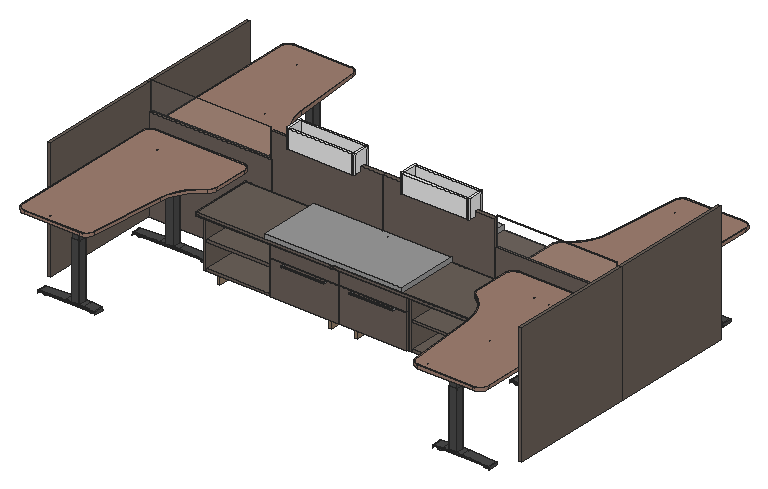
Revit family "OFS TYPICAL T200055", category Furniture, Revit 2022 (continued)
Definition of nested family "STAKS SPINE OR DIVIDER WALL 42in"
  Parameters (values of type "STAKS SPINE OR DIVIDER WALL 42in X 24in")
    URL = "http://www.ofs.com/"
    Height Above Floor [instance] = 3' - 6"
    Height = 3' - 6"
    Depth = 0' - 1"
    Model = "6-PAN-42/24"
    Manufacturer = "OFS"
    Description = "OFS STAKS SPINE OR DIVIDER WALL 42\" Height x 24\" Width, Levelers allow 2.5\" Height Adjustability for Uneven Floor"
    Width = 2' - 0"
    Default Elevation = 0' - 0"
    Copyright © = "© 2018 OFS"
    Catalog = "https://ofs.com/products/casegoods/private-office/staks"
    Authoring Version = "Autodesk Revit Architecture 2013"
    Assembly Code = "E2020200"
  Types (19): name | Model | Description | Width
    STAKS SPINE OR DIVIDER WALL 42in X 24in | "6-PAN-42/24" | "OFS STAKS SPINE OR DIVIDER WALL 42\" Height x 24\" Width, Levelers allow 2.5\" Height Adjustability for Uneven Floor" | 2' - 0"
    STAKS SPINE OR DIVIDER WALL 42in X 33in | "6-PAN-42/33" | "OFS STAKS SPINE OR DIVIDER WALL 42\" Height x 33\" Width, Levelers allow 2.5\" Height Adjustability for Uneven Floor" | 2' - 9"
    STAKS SPINE OR DIVIDER WALL 42in X 26in | "6-PAN-42/26" | "OFS STAKS SPINE OR DIVIDER WALL 42\" Height x 26\" Width, Levelers allow 2.5\" Height Adjustability for Uneven Floor" | 2' - 2"
    STAKS SPINE OR DIVIDER WALL 42in X 30in | "6-PAN-42/30" | "OFS STAKS SPINE OR DIVIDER WALL 42\" Height x 30\" Width, Levelers allow 2.5\" Height Adjustability for Uneven Floor" | 2' - 6"
    STAKS SPINE OR DIVIDER WALL 42in X 36in | "6-PAN-42/36" | "OFS STAKS SPINE OR DIVIDER WALL 42\" Height x 36\" Width, Levelers allow 2.5\" Height Adjustability for Uneven Floor" | 3' - 0"
    STAKS SPINE OR DIVIDER WALL 42in X 37in | "6-PAN-42/37" | "OFS STAKS SPINE OR DIVIDER WALL 42\" Height x 37\" Width, Levelers allow 2.5\" Height Adjustability for Uneven Floor" | 3' - 1"
    STAKS SPINE OR DIVIDER WALL 42in X 39in | "6-PAN-42/39" | "OFS STAKS SPINE OR DIVIDER WALL 42\" Height x 39\" Width, Levelers allow 2.5\" Height Adjustability for Uneven Floor" | 3' - 3"
    STAKS SPINE OR DIVIDER WALL 42in X 40in | "6-PAN-42/40" | "OFS STAKS SPINE OR DIVIDER WALL 42\" Height x 40\" Width, Levelers allow 2.5\" Height Adjustability for Uneven Floor" | 3' - 4"
    STAKS SPINE OR DIVIDER WALL 42in X 42in | "6-PAN-42/42" | "OFS STAKS SPINE OR DIVIDER WALL 42\" Height x 42\" Width, Levelers allow 2.5\" Height Adjustability for Uneven Floor" | 3' - 6"
    STAKS SPINE OR DIVIDER WALL 42in X 44in | "6-PAN-42/44" | "OFS STAKS SPINE OR DIVIDER WALL 42\" Height x 44\" Width, Levelers allow 2.5\" Height Adjustability for Uneven Floor" | 3' - 8"
    STAKS SPINE OR DIVIDER WALL 42in X 45in | "6-PAN-42/45" | "OFS STAKS SPINE OR DIVIDER WALL 42\" Height x 45\" Width, Levelers allow 2.5\" Height Adjustability for Uneven Floor" | 3' - 9"
    STAKS SPINE OR DIVIDER WALL 42in X 47in | "6-PAN-42/47" | "OFS STAKS SPINE OR DIVIDER WALL 42\" Height x 47\" Width, Levelers allow 2.5\" Height Adjustability for Uneven Floor" | 3' - 11"
    STAKS SPINE OR DIVIDER WALL 42in X 48in | "6-PAN-42/48" | "OFS STAKS SPINE OR DIVIDER WALL 42\" Height x 48\" Width, Levelers allow 2.5\" Height Adjustability for Uneven Floor" | 4' - 0"
    STAKS SPINE OR DIVIDER WALL 42in X 49in | "6-PAN-42/49" | "OFS STAKS SPINE OR DIVIDER WALL 42\" Height x 49\" Width, Levelers allow 2.5\" Height Adjustability for Uneven Floor" | 4' - 1"
    STAKS SPINE OR DIVIDER WALL 42in X 52in | "6-PAN-42/52" | "OFS STAKS SPINE OR DIVIDER WALL 42\" Height x 52\" Width, Levelers allow 2.5\" Height Adjustability for Uneven Floor" | 4' - 4"
    STAKS SPINE OR DIVIDER WALL 42in X 54in | "6-PAN-42/54" | "OFS STAKS SPINE OR DIVIDER WALL 42\" Height x 54\" Width, Levelers allow 2.5\" Height Adjustability for Uneven Floor" | 4' - 6"
    STAKS SPINE OR DIVIDER WALL 42in X 56in | "6-PAN-42/56" | "OFS STAKS SPINE OR DIVIDER WALL 42\" Height x 56\" Width, Levelers allow 2.5\" Height Adjustability for Uneven Floor" | 4' - 8"
    STAKS SPINE OR DIVIDER WALL 42in X 58in | "6-PAN-42/58" | "OFS STAKS SPINE OR DIVIDER WALL 42\" Height x 58\" Width, Levelers allow 2.5\" Height Adjustability for Uneven Floor" | 4' - 10"
    STAKS SPINE OR DIVIDER WALL 42in X 59in | "6-PAN-42/59" | "OFS STAKS SPINE OR DIVIDER WALL 42\" Height x 59\" Width, Levelers allow 2.5\" Height Adjustability for Uneven Floor" | 4' - 11"
  Reference planes (in)
    plane 1: z = -0.125
    plane 2 "LEFT": x = 7.55498
    plane 3 "RIGHT": x = 31.55498
    plane 4 "BACK": y = -1.83365
    plane 5 "FRONT": y = -2.83365
    plane 6: x = 7.67998
    plane 7: x = 31.42998
    plane 8: y = -1.95865
    plane 9: y = -2.70865
    plane 10: z = -0.125
    plane 11 "SURFACE TOP": z = 41.875
  Forms (in)
    Extrusion 1, solid
      sketch origin (0, 0, 17.125) x (-1, 0, 0) y (0, -1, 0)
        loop
          line (-7.55498, 1.83365) -> (-7.55498, 2.83365) -> (-31.55498, 2.83365) -> (-31.55498, 1.83365) -> (-7.55498, 1.83365)
      from 24.75 to -17.25
  Lines and regions (in)
    symbolic lines
      curve 1: line (7.55498, -1.83365, 41.875) -> (31.55498, -1.83365, 41.875)
      curve 2: line (7.55498, -2.83365, 41.875) -> (7.55498, -1.83365, 41.875)
      curve 3: line (31.55498, -2.83365, 41.875) -> (7.55498, -2.83365, 41.875)
      curve 4: line (31.55498, -1.83365, 41.875) -> (31.55498, -2.83365, 41.875)
  Dimensions and locks (in)
    "Depth": plane 4 "BACK" to plane 5 "FRONT"
    "Width": plane 2 "LEFT" to plane 3 "RIGHT"
    "Height": plane 11 "SURFACE TOP" to plane 10
    locked: plane 4 "BACK" to plane 8 at 0.125
    locked: plane 2 "LEFT" to plane 6 at 0.125
    locked: plane 7 to plane 3 "RIGHT" at 0.125
    locked: plane 9 to plane 5 "FRONT" at 0.125
    "Height Above Floor": plane 11 "SURFACE TOP" to level
    aligned: level to plane 1
    aligned and locked: plane 11 "SURFACE TOP" to Extrusion 1
    aligned and locked: Extrusion 1 to plane 10
    aligned and locked: plane 4 "BACK" to Extrusion 1 sketch curve
    aligned and locked: Extrusion 1 sketch curve to plane 2 "LEFT"
    aligned and locked: Extrusion 1 sketch curve to plane 5 "FRONT"
    aligned and locked: plane 3 "RIGHT" to Extrusion 1 sketch curve
    aligned and locked: curve 1 to Extrusion 1
    aligned and locked: curve 2 to Extrusion 1
    aligned and locked: curve 3 to Extrusion 1
    aligned and locked: curve 4 to Extrusion 1
Definition of nested family "OFS STAKS Planters - 6-PB12 6-PB18 6-PB24"
  Parameters (values of type "Planter 18")
    Width = 1' - 6"
    URL = "OFS STAKS Planter 18\""
    Model = "6-PB18"
    Manufacturer = "OFS"
    Finsih [instance] = none
    Description = "OFS STAKS Planter 18\""
    Default Elevation = 0' - 0"
    Copyright © = "©OFS 2025"
    Catalog = "https://catalog.ofs.com/ofs/page/staks-private-office--workstation-panels-and-panel-accessories-panel-accessories-panel-accessories"
    Authoring Version = "Autodesk Revit 2022"
    Assembly Code = "E2020200"
  Types (4): name | Width | URL | Model | Description
    (no name) | 1' - 6" | "OFS STAKS Planter 18\"" | "6-PB18" | "OFS STAKS Planter 18\""
    Planter 12 | 1' - 0" | "http://ofs.com/" | "6-PB12" | "OFS STAKS Planter 12\""
    Planter 18 | 1' - 6" | "OFS STAKS Planter 18\"" | "6-PB18" | "OFS STAKS Planter 18\""
    Planter 24 | 2' - 0" | "http://ofs.com/" | "6-PB24" | "OFS STAKS Planter 24\""
  Reference planes (in)
    plane 1 "Center Front/Back": y = 0
    plane 2: z = 0
    plane 3 "Center Left/Right": x = 0
    plane 4: x = 9
    plane 5: z = 46.625
    plane 6: z = 40.125
    plane 7: x = -9
    plane 8: y = -2.39062
    plane 9: y = -3.14062
    plane 10: y = 2.39062
    plane 11: y = 3.14062
    plane 12: x = 8.25
    plane 13: x = -8.25
  Forms (in)
    Extrusion 1, solid, material <- "Finsih"
      sketch origin (0, 0, 0) x (1, 0, 0) y (0, 1, 0)
        loop
          line (-8.25, 3.14062) -> (-8.25, 2.39062) -> (8.25, 2.39062) -> (8.25, 3.14062) -> (-8.25, 3.14062)
        loop
          line (-8.25, -3.14062) -> (8.25, -3.14062) -> (8.25, -2.39062) -> (-8.25, -2.39062) -> (-8.25, -3.14062)
      from 40.125 to 46.625
    Extrusion 2, solid, material <- "Finsih"
      sketch origin (0, 0, 0) x (1, 0, 0) y (0, 1, 0)
        loop
          arc (-8.625, 3.14062) -> (-8.6552, 3.05002) -> (-8.71718, 2.97735) r 0.25
          arc (-8.71718, 2.97735) -> (-8.9256, 2.71629) -> (-9, 2.39062) r 0.75
          line (-9, 2.39062) -> (-9, -2.39063)
          arc (-9, -2.39063) -> (-8.9256, -2.71629) -> (-8.71718, -2.97735) r 0.75
          arc (-8.71718, -2.97735) -> (-8.6552, -3.05002) -> (-8.625, -3.14062) r 0.25
          line (-8.625, -3.14062) -> (-8.25, -3.14062) -> (-8.25, 3.14062) -> (-8.625, 3.14062)
        loop
          line (8.625, 3.14062) -> (8.25, 3.14062) -> (8.25, -3.14062) -> (8.625, -3.14062)
          arc (8.625, -3.14062) -> (8.6552, -3.05002) -> (8.71718, -2.97735) r 0.25
          arc (8.71718, -2.97735) -> (8.9256, -2.71629) -> (9, -2.39063) r 0.75
          line (9, -2.39063) -> (9, 2.39062)
          arc (9, 2.39062) -> (8.9256, 2.71629) -> (8.71718, 2.97735) r 0.75
          arc (8.71718, 2.97735) -> (8.6552, 3.05002) -> (8.625, 3.14062) r 0.25
      from 40.125 to 46.625
    Extrusion 3, solid, material <- "Finsih"
      sketch origin (0, 0, 0) x (0, 1, 0) y (0, 0, 1)
        loop
          line (1.14063, 40.75) -> (2.39063, 40.75) -> (2.39063, 42.75) -> (-2.39063, 42.75) -> (-2.39063, 40.75) -> (-1.14063, 40.75) -> (-1.14063, 42) -> (1.14063, 42) -> (1.14063, 40.75)
      from -8.25 to 8.25
    Extrusion 4, void
      sketch origin (0, 0, 0) x (0, 1, 0) y (0, 0, 1)
        loop
          line (0.54688, 40.125) -> (0.54688, 41.87678)
          arc (0.54688, 41.87678) -> (0.51078, 41.96391) -> (0.42365, 42) r 0.12322
          line (0.42365, 42) -> (-0.42365, 42)
          arc (-0.42365, 42) -> (-0.51078, 41.96391) -> (-0.54688, 41.87678) r 0.12322
          line (-0.54688, 41.87678) -> (-0.54687, 40.125) -> (0.54688, 40.125)
      from -15.72701 to 16.85903
  Cuts and joins
    Extrusion 4 cuts Extrusion 2
  Dimensions and locks (in)
    locked: plane 5 to plane 6 at 6.5
    plane 6 to level = 3' - 4 1/8"
    equal spacing: plane 7, plane 3 "Center Left/Right", plane 4
    "Width": plane 7 to plane 4
    locked: plane 8 to plane 9 at 0.75
    locked: plane 10 to plane 11 at 0.75
    locked: plane 9 to plane 11 at 6.28125
    locked: plane 7 to plane 13 at 0.75
    locked: plane 12 to plane 4 at 0.75
    aligned and locked: level to plane 2
    aligned and locked: plane 13 to Extrusion 1 sketch curve
    aligned and locked: Extrusion 1 sketch curve to plane 12
    aligned and locked: Extrusion 1 sketch curve to plane 10
    aligned and locked: plane 11 to Extrusion 1 sketch curve
    aligned and locked: plane 8 to Extrusion 1 sketch curve
    aligned and locked: plane 12 to Extrusion 1 sketch curve
    aligned and locked: Extrusion 1 sketch curve to plane 9
    aligned and locked: Extrusion 1 sketch curve to plane 13
    aligned and locked: plane 7 to Extrusion 2 sketch curve
    aligned and locked: Extrusion 2 sketch curve to plane 13
    aligned and locked: plane 11 to Extrusion 2 sketch curve
    aligned and locked: plane 9 to Extrusion 2 sketch curve
    aligned and locked: Extrusion 2 sketch curve to plane 12
    aligned and locked: Extrusion 2 sketch curve to plane 9
    aligned and locked: Extrusion 2 sketch curve to plane 11
    aligned and locked: Extrusion 2 sketch curve to plane 4
    aligned and locked: plane 5 to Extrusion 1
    aligned and locked: Extrusion 1 to plane 6
    aligned and locked: plane 5 to Extrusion 2
    aligned and locked: Extrusion 2 to plane 6
    aligned and locked: Extrusion 3 sketch curve to plane 8
    aligned and locked: Extrusion 3 to plane 13
    aligned and locked: plane 12 to Extrusion 3
    aligned and locked: plane 6 to Extrusion 4 sketch curve
  Automatic sketch dimensions
    plane 10 to Extrusion 2 sketch curve = 0' - 0"  (x2)
    Extrusion 2 sketch curve to plane 13 = 0' - 0"  (x2)
    Extrusion 2 sketch curve to plane 8 = 0' - 0"  (x2)
    Extrusion 2 sketch curve to plane 12 = 0' - 0"  (x2)
    Extrusion 2 sketch curve to plane 11 = 0' - 0.0323"  (x2)
    plane 7 to Extrusion 2 sketch curve = 0' - 0.1271"  (x2)
    Extrusion 2 sketch curve to plane 9 = 0' - 0.0323"  (x2)
    Extrusion 2 sketch curve to Extrusion 2 sketch curve = 0' - 0.09218"  (x2)
    plane 4 to Extrusion 2 sketch curve = 0' - 0 3/8"
    Extrusion 2 sketch curve to Extrusion 2 sketch curve = 0' - 0 3/8"
    plane 4 to Extrusion 2 sketch curve = 0' - 0.1271"  (x2)
    Extrusion 3 sketch curve to plane 10 = 0' - 0"
    plane 1 "Center Front/Back" to Extrusion 3 sketch curve = 0' - 1 9/64"
    Extrusion 3 sketch curve to plane 1 "Center Front/Back" = 0' - 1 9/64"
    plane 6 to Extrusion 3 sketch curve = 0' - 0 5/8"  (x2)
    Extrusion 3 sketch curve to Extrusion 3 sketch curve = 0' - 1 1/4"
    Extrusion 3 sketch curve to Extrusion 3 sketch curve = 0' - 0 3/4"
    plane 1 "Center Front/Back" to Extrusion 4 sketch curve = 0' - 0 35/64"
    Extrusion 4 sketch curve to Extrusion 4 sketch curve = 0' - 0.12322"  (x2)
    Extrusion 4 sketch curve to plane 1 "Center Front/Back" = 0' - 0.42365"
    plane 6 to Extrusion 4 sketch curve = 0' - 1.75178"
Definition of nested family "STAKS DOUBLE SIDED FROSTED GLASS PRIVACY PANEL"
  Parameters (values of type "STAKS DOUBLE SIDED FROSTED GLASS PRIVACY PANEL 23 x 10")
    Width = 1' - 11"
    URL = "http://www.ofs.com/"
    Model = "6-PVPG-23/10"
    Manufacturer = "OFS"
    Height From Floor = 4' - 8"
    Height = 0' - 10"
    Description = "OFS STAKS DOUBLE SIDED FROSTED GLASS PRIVACY PANEL 23 x 10, Recessed 1.5\" Inside Wall Panel"
    Depth = 0' - 0 1/4"
    Default Elevation = 0' - 0"
    Copyright © = "© 2018 OFS"
    Catalog = "https://ofs.com/products/casegoods/private-office/staks"
    Shelf Material = none
    Authoring Version = "Autodesk Revit Architecture 2013"
    Assembly Code = "E2020200"
  Types (38): name | Width | Model | Height From Floor | Height | Description
    STAKS DOUBLE SIDED FROSTED GLASS PRIVACY PANEL 23 x 10 | 1' - 11" | "6-PVPG-23/10" | 4' - 8" | 0' - 10" | "OFS STAKS DOUBLE SIDED FROSTED GLASS PRIVACY PANEL 23 x 10, Recessed 1.5\" Inside Wall Panel"
    STAKS DOUBLE SIDED FROSTED GLASS PRIVACY PANEL 25 x 10 | 2' - 1" | "6-PVPG-25/10" | 4' - 8" | 0' - 10" | "OFS STAKS DOUBLE SIDED FROSTED GLASS PRIVACY PANEL 25 x 10, Recessed 1.5\" Inside Wall Panel"
    STAKS DOUBLE SIDED FROSTED GLASS PRIVACY PANEL 29 x 10 | 2' - 5" | "6-PVPG-29/10" | 4' - 8" | 0' - 10" | "OFS STAKS DOUBLE SIDED FROSTED GLASS PRIVACY PANEL 29 x 10, Recessed 1.5\" Inside Wall Panel"
    STAKS DOUBLE SIDED FROSTED GLASS PRIVACY PANEL 32 x 10 | 2' - 8" | "6-PVPG-32/10" | 4' - 8" | 0' - 10" | "OFS STAKS DOUBLE SIDED FROSTED GLASS PRIVACY PANEL 32 x 10, Recessed 1.5\" Inside Wall Panel"
    STAKS DOUBLE SIDED FROSTED GLASS PRIVACY PANEL 35 x 10 | 2' - 11" | "6-PVPG-35/10" | 4' - 8" | 0' - 10" | "OFS STAKS DOUBLE SIDED FROSTED GLASS PRIVACY PANEL 35 x 10, Recessed 1.5\" Inside Wall Panel"
    STAKS DOUBLE SIDED FROSTED GLASS PRIVACY PANEL 36 x 10 | 3' - 0" | "6-PVPG-36/10" | 4' - 8" | 0' - 10" | "OFS STAKS DOUBLE SIDED FROSTED GLASS PRIVACY PANEL 36 x 10, Recessed 1.5\" Inside Wall Panel"
    STAKS DOUBLE SIDED FROSTED GLASS PRIVACY PANEL 38 x 10 | 3' - 2" | "6-PVPG-38/10" | 4' - 8" | 0' - 10" | "OFS STAKS DOUBLE SIDED FROSTED GLASS PRIVACY PANEL 38 x 10, Recessed 1.5\" Inside Wall Panel"
    STAKS DOUBLE SIDED FROSTED GLASS PRIVACY PANEL 39 x 10 | 3' - 3" | "6-PVPG-39/10" | 4' - 8" | 0' - 10" | "OFS STAKS DOUBLE SIDED FROSTED GLASS PRIVACY PANEL 39 x 10, Recessed 1.5\" Inside Wall Panel"
    STAKS DOUBLE SIDED FROSTED GLASS PRIVACY PANEL 41 x 10 | 3' - 5" | "6-PVPG-41/10" | 4' - 8" | 0' - 10" | "OFS STAKS DOUBLE SIDED FROSTED GLASS PRIVACY PANEL 41 x 10, Recessed 1.5\" Inside Wall Panel"
    STAKS DOUBLE SIDED FROSTED GLASS PRIVACY PANEL 43 x 10 | 3' - 7" | "6-PVPG-43/10" | 4' - 8" | 0' - 10" | "OFS STAKS DOUBLE SIDED FROSTED GLASS PRIVACY PANEL 43 x 10, Recessed 1.5\" Inside Wall Panel"
    STAKS DOUBLE SIDED FROSTED GLASS PRIVACY PANEL 44 x 10 | 3' - 8" | "6-PVPG-44/10" | 4' - 8" | 0' - 10" | "OFS STAKS DOUBLE SIDED FROSTED GLASS PRIVACY PANEL 44 x 10, Recessed 1.5\" Inside Wall Panel"
    STAKS DOUBLE SIDED FROSTED GLASS PRIVACY PANEL 46 x 10 | 3' - 10" | "6-PVPG-46/10" | 4' - 8" | 0' - 10" | "OFS STAKS DOUBLE SIDED FROSTED GLASS PRIVACY PANEL 46 x 10, Recessed 1.5\" Inside Wall Panel"
    STAKS DOUBLE SIDED FROSTED GLASS PRIVACY PANEL 47 x 10 | 3' - 11" | "6-PVPG-47/10" | 4' - 8" | 0' - 10" | "OFS STAKS DOUBLE SIDED FROSTED GLASS PRIVACY PANEL 47 x 10, Recessed 1.5\" Inside Wall Panel"
    STAKS DOUBLE SIDED FROSTED GLASS PRIVACY PANEL 48 x 10 | 4' - 0" | "6-PVPG-48/10" | 4' - 8" | 0' - 10" | "OFS STAKS DOUBLE SIDED FROSTED GLASS PRIVACY PANEL 48 x 10, Recessed 1.5\" Inside Wall Panel"
    STAKS DOUBLE SIDED FROSTED GLASS PRIVACY PANEL 51 x 10 | 4' - 3" | "6-PVPG-51/10" | 4' - 8" | 0' - 10" | "OFS STAKS DOUBLE SIDED FROSTED GLASS PRIVACY PANEL 51 x 10, Recessed 1.5\" Inside Wall Panel"
    STAKS DOUBLE SIDED FROSTED GLASS PRIVACY PANEL 53 x 10 | 4' - 5" | "6-PVPG-53/10" | 4' - 8" | 0' - 10" | "OFS STAKS DOUBLE SIDED FROSTED GLASS PRIVACY PANEL 53 x 10, Recessed 1.5\" Inside Wall Panel"
    STAKS DOUBLE SIDED FROSTED GLASS PRIVACY PANEL 55 x 10 | 4' - 7" | "6-PVPG-55/10" | 4' - 8" | 0' - 10" | "OFS STAKS DOUBLE SIDED FROSTED GLASS PRIVACY PANEL 55 x 10, Recessed 1.5\" Inside Wall Panel"
    STAKS DOUBLE SIDED FROSTED GLASS PRIVACY PANEL 57 x 10 | 4' - 9" | "6-PVPG-57/10" | 4' - 8" | 0' - 10" | "OFS STAKS DOUBLE SIDED FROSTED GLASS PRIVACY PANEL 57 x 10, Recessed 1.5\" Inside Wall Panel"
    STAKS DOUBLE SIDED FROSTED GLASS PRIVACY PANEL 58 x 10 | 4' - 10" | "6-PVPG-58/10" | 4' - 8" | 0' - 10" | "OFS STAKS DOUBLE SIDED FROSTED GLASS PRIVACY PANEL 58 x 10, Recessed 1.5\" Inside Wall Panel"
    STAKS DOUBLE SIDED FROSTED GLASS PRIVACY PANEL 23 x 13 | 1' - 11" | "6-PVPG-23/13" | 4' - 11" | 1' - 1" | "OFS STAKS DOUBLE SIDED FROSTED GLASS PRIVACY PANEL 23 x 13, Recessed 1.5\" Inside Wall Panel"
    STAKS DOUBLE SIDED FROSTED GLASS PRIVACY PANEL 25 x 13 | 2' - 1" | "6-PVPG-25/13" | 4' - 11" | 1' - 1" | "OFS STAKS DOUBLE SIDED FROSTED GLASS PRIVACY PANEL 25 x 13, Recessed 1.5\" Inside Wall Panel"
    STAKS DOUBLE SIDED FROSTED GLASS PRIVACY PANEL 29 x 13 | 2' - 5" | "6-PVPG-29/13" | 4' - 11" | 1' - 1" | "OFS STAKS DOUBLE SIDED FROSTED GLASS PRIVACY PANEL 29 x 13, Recessed 1.5\" Inside Wall Panel"
    STAKS DOUBLE SIDED FROSTED GLASS PRIVACY PANEL 32 x 13 | 2' - 8" | "6-PVPG-32/13" | 4' - 11" | 1' - 1" | "OFS STAKS DOUBLE SIDED FROSTED GLASS PRIVACY PANEL 32 x 13, Recessed 1.5\" Inside Wall Panel"
    STAKS DOUBLE SIDED FROSTED GLASS PRIVACY PANEL 35 x 13 | 2' - 11" | "6-PVPG-35/13" | 4' - 11" | 1' - 1" | "OFS STAKS DOUBLE SIDED FROSTED GLASS PRIVACY PANEL 35 x 13, Recessed 1.5\" Inside Wall Panel"
    STAKS DOUBLE SIDED FROSTED GLASS PRIVACY PANEL 36 x 13 | 3' - 0" | "6-PVPG-36/13" | 4' - 11" | 1' - 1" | "OFS STAKS DOUBLE SIDED FROSTED GLASS PRIVACY PANEL 36 x 13, Recessed 1.5\" Inside Wall Panel"
    STAKS DOUBLE SIDED FROSTED GLASS PRIVACY PANEL 38 x 13 | 3' - 2" | "6-PVPG-38/13" | 4' - 11" | 1' - 1" | "OFS STAKS DOUBLE SIDED FROSTED GLASS PRIVACY PANEL 38 x 13, Recessed 1.5\" Inside Wall Panel"
    STAKS DOUBLE SIDED FROSTED GLASS PRIVACY PANEL 39 x 13 | 3' - 3" | "6-PVPG-39/13" | 4' - 11" | 1' - 1" | "OFS STAKS DOUBLE SIDED FROSTED GLASS PRIVACY PANEL 39 x 13, Recessed 1.5\" Inside Wall Panel"
    STAKS DOUBLE SIDED FROSTED GLASS PRIVACY PANEL 41 x 13 | 3' - 5" | "6-PVPG-41/13" | 4' - 11" | 1' - 1" | "OFS STAKS DOUBLE SIDED FROSTED GLASS PRIVACY PANEL 41 x 13, Recessed 1.5\" Inside Wall Panel"
    STAKS DOUBLE SIDED FROSTED GLASS PRIVACY PANEL 43 x 13 | 3' - 7" | "6-PVPG-43/13" | 4' - 11" | 1' - 1" | "OFS STAKS DOUBLE SIDED FROSTED GLASS PRIVACY PANEL 43 x 13, Recessed 1.5\" Inside Wall Panel"
    STAKS DOUBLE SIDED FROSTED GLASS PRIVACY PANEL 44 x 13 | 3' - 8" | "6-PVPG-44/13" | 4' - 11" | 1' - 1" | "OFS STAKS DOUBLE SIDED FROSTED GLASS PRIVACY PANEL 44 x 13, Recessed 1.5\" Inside Wall Panel"
    STAKS DOUBLE SIDED FROSTED GLASS PRIVACY PANEL 46 x 13 | 3' - 10" | "6-PVPG-46/13" | 4' - 11" | 1' - 1" | "OFS STAKS DOUBLE SIDED FROSTED GLASS PRIVACY PANEL 46 x 13, Recessed 1.5\" Inside Wall Panel"
    STAKS DOUBLE SIDED FROSTED GLASS PRIVACY PANEL 47 x 13 | 3' - 11" | "6-PVPG-47/13" | 4' - 11" | 1' - 1" | "OFS STAKS DOUBLE SIDED FROSTED GLASS PRIVACY PANEL 47 x 13, Recessed 1.5\" Inside Wall Panel"
    STAKS DOUBLE SIDED FROSTED GLASS PRIVACY PANEL 48 x 13 | 4' - 0" | "6-PVPG-48/13" | 4' - 11" | 1' - 1" | "OFS STAKS DOUBLE SIDED FROSTED GLASS PRIVACY PANEL 48 x 13, Recessed 1.5\" Inside Wall Panel"
    STAKS DOUBLE SIDED FROSTED GLASS PRIVACY PANEL 51 x 13 | 4' - 3" | "6-PVPG-51/13" | 4' - 11" | 1' - 1" | "OFS STAKS DOUBLE SIDED FROSTED GLASS PRIVACY PANEL 51 x 13, Recessed 1.5\" Inside Wall Panel"
    STAKS DOUBLE SIDED FROSTED GLASS PRIVACY PANEL 53 x 13 | 4' - 5" | "6-PVPG-53/13" | 4' - 11" | 1' - 1" | "OFS STAKS DOUBLE SIDED FROSTED GLASS PRIVACY PANEL 53 x 13, Recessed 1.5\" Inside Wall Panel"
    STAKS DOUBLE SIDED FROSTED GLASS PRIVACY PANEL 55 x 13 | 4' - 7" | "6-PVPG-55/13" | 4' - 11" | 1' - 1" | "OFS STAKS DOUBLE SIDED FROSTED GLASS PRIVACY PANEL 55 x 13, Recessed 1.5\" Inside Wall Panel"
    STAKS DOUBLE SIDED FROSTED GLASS PRIVACY PANEL 57 x 13 | 4' - 9" | "6-PVPG-57/13" | 4' - 11" | 1' - 1" | "OFS STAKS DOUBLE SIDED FROSTED GLASS PRIVACY PANEL 57 x 13, Recessed 1.5\" Inside Wall Panel"
    STAKS DOUBLE SIDED FROSTED GLASS PRIVACY PANEL 58 x 13 | 4' - 10" | "6-PVPG-58/13" | 4' - 11" | 1' - 1" | "OFS STAKS DOUBLE SIDED FROSTED GLASS PRIVACY PANEL 58 x 13, Recessed 1.5\" Inside Wall Panel"
  Reference planes (in)
    plane 1: z = 0
    plane 2 "Center (Front/Back)": y = 2.75035
    plane 3 "LEFT": x = -28
    plane 4 "BASE TOP": z = 56
    plane 5 "RIGHT": x = -5
    plane 6: z = 46
    plane 7: y = 2.87535
    plane 8 "CENTER": x = -16.5
    plane 9: y = 2.62535
  Forms (in)
    Extrusion 1, solid, material <- "Shelf Material"
      sketch origin (0, 2.75035, 0) x (1, 0, 0) y (0, 0, 1)
        loop
          line (-28, 56) -> (-28, 46) -> (-5, 46) -> (-5, 56) -> (-28, 56)
      from -0.125 to 0.125
  Dimensions and locks (in)
    "Height From Floor": plane 4 "BASE TOP" to plane 1
    "Height": plane 4 "BASE TOP" to plane 6
    equal spacing: plane 3 "LEFT", plane 8 "CENTER", plane 5 "RIGHT"
    equal spacing: plane 9, plane 2 "Center (Front/Back)", plane 7
    "Width": plane 3 "LEFT" to plane 5 "RIGHT"
    "Depth": plane 9 to plane 7
    aligned and locked: level to plane 1
    aligned and locked: Extrusion 1 sketch curve to plane 4 "BASE TOP"
    aligned and locked: plane 3 "LEFT" to Extrusion 1 sketch curve
    aligned and locked: Extrusion 1 sketch curve to plane 6
    aligned and locked: Extrusion 1 sketch curve to plane 5 "RIGHT"
    aligned and locked: Extrusion 1 to plane 7
    aligned and locked: plane 9 to Extrusion 1
Definition of nested family "STAKS LOW HEIGHT PEDESTAL WIDE - BOX-FILE - WITH RISER SUPPORT"
  Parameters (values of type "STAKS LOW HEIGHT PEDESTAL WIDE - BOX-FILE - WITH RISER SUPPORT 24in W x 19in D")
    URL = "http://www.ofs.com/"
    Riser Support = 0' - 3 1/2"
    Model = "6-RL2419MPD11"
    Manufacturer = "OFS"
    Height = 1' - 6 3/8"
    Drawer Material = none
    Drawer Handle Width = 1' - 3 1/8"
    Drawer Handle Material = none
    Description = "OFS STAKS LOW HEIGHT PEDESTAL WIDE - BOX-FILE - WITH RISER SUPPORT 24\" Width, 19\" Depth, One Box Drawer, One File Drawer, Use with 22\"D Worksurfaces"
    Width = 2' - 0"
    Depth = 1' - 7 3/8"
    Default Elevation = 0' - 0"
    DH2 = 0' - 6 1/2"
    DH1 = 1' - 0 3/8"
    Copyright © = "© 2018 OFS"
    Chasis Material = none
    Catalog = "https://ofs.com/products/casegoods/private-office/staks"
    Board Thickness = 0' - 0 3/4"
    Authoring Version = "Autodesk Revit Architecture 2013"
    Assembly Code = "E2020200"
  Types (6): name | Model | Description | Width | Depth
    STAKS LOW HEIGHT PEDESTAL WIDE - BOX-FILE - WITH RISER SUPPORT 24in W x 19in D | "6-RL2419MPD11" | "OFS STAKS LOW HEIGHT PEDESTAL WIDE - BOX-FILE - WITH RISER SUPPORT 24\" Width, 19\" Depth, One Box Drawer, One File Drawer, Use with 22\"D Worksurfaces" | 2' - 0" | 1' - 7 3/8"
    STAKS LOW HEIGHT PEDESTAL WIDE - BOX-FILE - WITH RISER SUPPORT 24in W x 22in D | "6-RL2422MPD11" | "OFS STAKS LOW HEIGHT PEDESTAL WIDE - BOX-FILE - WITH RISER SUPPORT 24\" Width, 22\" Depth, One Box Drawer, One File Drawer, Use with 22\"D Worksurfaces" | 2' - 0" | 1' - 9 7/8"
    STAKS LOW HEIGHT PEDESTAL WIDE - BOX-FILE - WITH RISER SUPPORT 30in W x 19in D | "6-RL3019MPD11" | "OFS STAKS LOW HEIGHT PEDESTAL WIDE - BOX-FILE - WITH RISER SUPPORT 30\" Width, 19\" Depth, One Box Drawer, One File Drawer, Use with 22\"D Worksurfaces" | 2' - 6" | 1' - 7 3/8"
    STAKS LOW HEIGHT PEDESTAL WIDE - BOX-FILE - WITH RISER SUPPORT 30in W x 22in D | "6-RL3022MPD11" | "OFS STAKS LOW HEIGHT PEDESTAL WIDE - BOX-FILE - WITH RISER SUPPORT 30\" Width, 22\" Depth, One Box Drawer, One File Drawer, Use with 22\"D Worksurfaces" | 2' - 6" | 1' - 9 7/8"
    STAKS LOW HEIGHT PEDESTAL WIDE - BOX-FILE - WITH RISER SUPPORT 36in W x 19in D | "6-RL3619MPD11" | "OFS STAKS LOW HEIGHT PEDESTAL WIDE - BOX-FILE - WITH RISER SUPPORT 36\" Width, 19\" Depth, One Box Drawer, One File Drawer, Use with 22\"D Worksurfaces" | 3' - 0" | 1' - 7 3/8"
    STAKS LOW HEIGHT PEDESTAL WIDE - BOX-FILE - WITH RISER SUPPORT 36in W x 22in D | "6-RL3622MPD11" | "OFS STAKS LOW HEIGHT PEDESTAL WIDE - BOX-FILE - WITH RISER SUPPORT 36\" Width, 22\" Depth, One Box Drawer, One File Drawer, Use with 22\"D Worksurfaces" | 3' - 0" | 1' - 9 7/8"
  Reference planes (in)
    plane 1: z = 0
    plane 2 "Right": x = 20.97711
    plane 3: z = 21.875
    plane 4: z = 15.875
    plane 5: z = 15.75
    plane 6: z = 3.5
    plane 7: z = 15.5
    plane 8: z = 21.625
    plane 9: z = 15.031
    plane 10: z = 21.15625
    plane 11: x = 8.97711
    plane 12: y = 1.37535
    plane 13: y = 0.62535
    plane 14: x = 9.03961
    plane 15: x = 32.91411
    plane 16: x = 9.72711
    plane 17: y = 20.00035
    plane 18: x = 32.97711
    plane 19: x = 32.22711
    plane 20: x = 13.41461
    plane 21: x = 13.78961
    plane 22: x = 28.53961
    plane 23: x = 28.16461
    plane 24: y = -0.18715
    plane 25: y = -0.37465
    plane 26: z = 3.75
    plane 27: y = 19.25035
    plane 28: z = 4.25
    plane 29: y = 16.75035
    plane 30: y = 4.37535
    plane 31: y = 8.37535
    plane 32: y = 12.75035
    plane 33: y = 5.00035
    plane 34: y = 13.37535
    plane 35: z = 22
  Forms (in)
    Extrusion 1, solid, material <- "Drawer Material"
      sketch origin (20.35211, 5, -13.1802) x (0, 1, 0) y (0, 0, 1)
        loop
          line (-4.37465, 28.9302) -> (-4.37465, 16.9302) -> (-3.62465, 16.9302) -> (-3.62465, 28.9302) -> (-4.37465, 28.9302)
      from -11.3125 to 12.562
    Extrusion 2, solid, material <- "Drawer Material"
      sketch origin (20.35211, 2.25, -7.68015) x (0, 1, 0) y (0, 0, 1)
        loop
          line (-1.62465, 29.55515) -> (-1.62465, 23.55515) -> (-0.87465, 23.55515) -> (-0.87465, 29.55515) -> (-1.62465, 29.55515)
      from -11.3125 to 12.562
    Extrusion 3, solid, material <- "Chasis Material"
      sketch origin (-3, -1.24965, 0) x (1, 0, 0) y (0, 0, 1)
        loop
          line (11.97711, 3.5) -> (12.72711, 3.5) -> (12.72711, 21.875) -> (11.97711, 21.875) -> (11.97711, 3.5)
      from -21.25 to -2.625
    Extrusion 4, solid, material <- "Chasis Material"
      sketch origin (19.35211, 31.02324, 0) x (0, 1, 0) y (0, 0, 1)
        loop
          line (-11.77289, 3.5) -> (-11.02289, 3.5) -> (-11.02289, 21.875) -> (-11.77289, 21.875) -> (-11.77289, 3.5)
      from -9.625 to 12.875
    Extrusion 5, solid, material <- "Drawer Handle Material"
      sketch origin (9, 0, 9.60933) x (1, 0, 0) y (0, 1, 0)
        loop
          line (4.41461, 0.62535) -> (4.41461, -0.37465) -> (19.53961, -0.37465) -> (19.53961, 0.62535) -> (19.16461, 0.62535) -> (19.16461, -0.18715) -> (4.78961, -0.18715) -> (4.78961, 0.62535) -> (4.41461, 0.62535)
      from 5.42167 to 5.89067
    Extrusion 6, solid, material <- "Drawer Handle Material"
      sketch origin (9, 0, 20.67137) x (1, 0, 0) y (0, 1, 0)
        loop
          line (4.41461, 0.62535) -> (4.41461, -0.37465) -> (19.53961, -0.37465) -> (19.53961, 0.62535) -> (19.16461, 0.62535) -> (19.16461, -0.18715) -> (4.78961, -0.18715) -> (4.78961, 0.62535) -> (4.41461, 0.62535)
      from 0.48488 to 0.95363
    Extrusion 7, solid, material <- "Chasis Material"
      sketch origin (0, 0, 0) x (1, 0, 0) y (0, 1, 0)
        loop
          line (32.97711, 20.00035) -> (32.22711, 20.00035) -> (32.22711, 1.37535) -> (32.97711, 1.37535) -> (32.97711, 20.00035)
      from 3.5 to 21.875
    Extrusion 8, solid, material <- "Chasis Material"
      sketch origin (-29.79592, -7.12465, 7.24693) x (1, 0, 0) y (0, 0, 1)
        loop
          line (39.52304, 13.90932) -> (62.02304, 13.90932) -> (62.02304, 14.62807) -> (39.52304, 14.62807) -> (39.52304, 13.90932)
      from -26.375 to -8.5
    Extrusion 9, solid, material <- "Chasis Material"
      sketch origin (-31.5409, -1.62465, -42.72261) x (1, 0, 0) y (0, 0, 1)
        loop
          line (41.26801, 46.22261) -> (63.76801, 46.22261) -> (63.76801, 46.97261) -> (41.26801, 46.97261) -> (41.26801, 46.22261)
      from -20.875 to -3
    Extrusion 10, solid
      sketch origin (0, 0, 0) x (1, 0, 0) y (0, 1, 0)
        loop
          line (32.91411, 20.00035) -> (32.22711, 20.00035) -> (32.22711, 1.37535) -> (32.91411, 1.37535) -> (32.91411, 20.00035)
        loop
          line (9.03961, 20.00035) -> (9.03961, 1.37535) -> (9.72711, 1.37535) -> (9.72711, 20.00035) -> (9.03961, 20.00035)
      from 21.875 to 22
  Dimensions and locks (in)
    "Board Thickness": plane 13 to plane 12
    locked: plane 11 to plane 14 at 0.0625
    "Board Thickness": plane 11 to plane 16
    locked: plane 15 to plane 18 at 0.063
    "Width": plane 11 to plane 18
    Extrusion 7 sketch curve to plane 18 = 0' - 0 3/4"
    "Board Thickness": plane 19 to plane 18
    equal spacing: plane 11, plane 2 "Right", plane 18
    locked: plane 20 to plane 21 at 0.375
    locked: plane 23 to plane 22 at 0.375
    equal spacing: plane 20, plane 2 "Right", plane 22
    "Drawer Handle Width": plane 20 to plane 22
    plane 25 to plane 24 to plane 13 = 0' - 0 3/16" locked, 0' - 0 13/16" locked
    "Riser Support": plane 6 to level
    "Height": plane 3 to plane 6
    "DH1": plane 4 to plane 6
    locked: plane 26 to plane 6 at 0.25
    "Board Thickness": plane 27 to plane 17
    "Depth": plane 13 to plane 17
    plane 4 to plane 5 to plane 7 to plane 9 = 0' - 0 1/8" locked, 0' - 0 1/4" locked, 0' - 0.469" locked
    plane 3 to plane 8 to plane 10 = 0' - 0 1/4" locked, 0' - 0 15/32" locked
    "Board Thickness": plane 28 to plane 6
    plane 12 to plane 30 to plane 31 = 0' - 3" locked, 0' - 4" locked
    plane 32 to plane 29 to plane 27 = 0' - 4" locked, 0' - 2 1/2" locked
    locked: plane 30 to plane 33 at 0.625
    locked: plane 32 to plane 34 at 0.625
    locked: plane 35 to plane 3 at 0.125
    aligned and locked: level to plane 1
    aligned and locked: Extrusion 1 to plane 14
    aligned and locked: plane 15 to Extrusion 1
    aligned and locked: Extrusion 2 to plane 12
    aligned and locked: plane 13 to Extrusion 2
    aligned and locked: plane 15 to Extrusion 2
    aligned and locked: Extrusion 2 to plane 14
    aligned and locked: plane 12 to Extrusion 3
    aligned and locked: Extrusion 3 to plane 17
    aligned and locked: Extrusion 4 to plane 16
    aligned and locked: plane 16 to Extrusion 3
    aligned and locked: Extrusion 3 to plane 11
    aligned and locked: Extrusion 4 to plane 17
    aligned and locked: Extrusion 1 sketch curve to plane 12
    aligned and locked: plane 13 to Extrusion 1 sketch curve
    aligned and locked: plane 19 to Extrusion 4
    aligned and locked: plane 3 to Extrusion 3
    aligned and locked: Extrusion 6 to plane 22
    aligned and locked: Extrusion 5 to plane 22
    aligned and locked: plane 23 to Extrusion 6
    aligned and locked: plane 23 to Extrusion 5
    aligned and locked: plane 21 to Extrusion 6
    aligned and locked: plane 21 to Extrusion 5
    aligned and locked: Extrusion 6 to plane 20
    aligned and locked: Extrusion 5 to plane 20
    aligned and locked: plane 24 to Extrusion 6
    aligned and locked: plane 7 to Extrusion 5
    aligned and locked: Extrusion 5 to plane 9
    aligned and locked: plane 3 to Extrusion 4
    aligned and locked: Extrusion 1 to plane 26
    aligned and locked: Extrusion 7 to plane 19
    aligned and locked: plane 3 to Extrusion 7
    aligned and locked: Extrusion 7 to plane 6
    aligned and locked: plane 3 to Extrusion 8
    aligned and locked: Extrusion 8 to plane 10
    aligned and locked: plane 28 to Extrusion 9
    aligned and locked: Extrusion 9 to plane 6
    aligned and locked: Extrusion 9 to plane 27
    aligned and locked: plane 12 to Extrusion 9
    aligned and locked: plane 19 to Extrusion 9
    aligned and locked: Extrusion 9 to plane 16
    aligned and locked: Extrusion 10 to plane 3
    aligned and locked: plane 35 to Extrusion 10
    aligned and locked: plane 3 to Extrusion 2
    aligned and locked: plane 8 to Extrusion 6
    aligned and locked: Extrusion 6 to plane 10
    aligned and locked: Extrusion 8 to plane 27
    aligned and locked: plane 12 to Extrusion 8
  Automatic sketch dimensions
    Extrusion 1 sketch curve to plane 26 = 0' - 0"
    Extrusion 1 sketch curve to plane 5 = 0' - 0"
    Extrusion 2 sketch curve to plane 13 = 0' - 0"
    Extrusion 2 sketch curve to plane 4 = 0' - 0"
    Extrusion 2 sketch curve to plane 12 = 0' - 0"
    Extrusion 3 sketch curve to plane 6 = 0' - 0"
    Extrusion 3 sketch curve to plane 11 = 0' - 0"
    Extrusion 3 sketch curve to plane 3 = 0' - 0"
    Extrusion 3 sketch curve to plane 16 = 0' - 0"
    Extrusion 4 sketch curve to plane 6 = 0' - 0"
    Extrusion 4 sketch curve to plane 3 = 0' - 0"
    Extrusion 4 sketch curve to plane 17 = 0' - 0"
    plane 27 to Extrusion 4 sketch curve = 0' - 0"
    plane 13 to Extrusion 5 sketch curve = 0' - 0"  (x2)
    Extrusion 5 sketch curve to plane 20 = 0' - 0"
    Extrusion 5 sketch curve to plane 21 = 0' - 0"
    Extrusion 5 sketch curve to plane 23 = 0' - 0"
    Extrusion 5 sketch curve to plane 22 = 0' - 0"
    plane 25 to Extrusion 5 sketch curve = 0' - 0"
    plane 24 to Extrusion 5 sketch curve = 0' - 0"
    plane 13 to Extrusion 6 sketch curve = 0' - 0"  (x2)
    Extrusion 6 sketch curve to plane 20 = 0' - 0"
    Extrusion 6 sketch curve to plane 21 = 0' - 0"
    Extrusion 6 sketch curve to plane 23 = 0' - 0"
    Extrusion 6 sketch curve to plane 22 = 0' - 0"
    plane 25 to Extrusion 6 sketch curve = 0' - 0"
    plane 24 to Extrusion 6 sketch curve = 0' - 0"
    plane 12 to Extrusion 7 sketch curve = 0' - 0"
    Extrusion 7 sketch curve to plane 18 = 0' - 0"
    plane 17 to Extrusion 7 sketch curve = 0' - 0"
    Extrusion 8 sketch curve to plane 10 = 0' - 0"
    Extrusion 8 sketch curve to plane 16 = 0' - 0"
    Extrusion 8 sketch curve to plane 3 = 0' - 0"
    Extrusion 8 sketch curve to plane 19 = 0' - 0"
    plane 14 to Extrusion 9 sketch curve = 0' - 0 11/16"
    Extrusion 9 sketch curve to plane 6 = 0' - 0"
    plane 6 to Extrusion 9 sketch curve = 0' - 0 3/4"
    Extrusion 9 sketch curve to plane 19 = 0' - 0"
    Extrusion 10 sketch curve to plane 14 = 0' - 0"
    Extrusion 10 sketch curve to plane 15 = 0' - 0"
    Extrusion 10 sketch curve to plane 13 = 0' - 0 3/4"  (x2)
    Extrusion 10 sketch curve to plane 19 = 0' - 0"
    plane 17 to Extrusion 10 sketch curve = 0' - 0"  (x2)
    plane 4 to Extrusion 2 sketch curve = 0' - 6"
    Extrusion 10 sketch curve to plane 16 = 0' - 0"
Definition of nested family "STAKS LOW HEIGHT OPEN SHELF PEDESTAL - WITH RISER SUPPORT"
  Parameters (values of type "STAKS LOW HEIGHT OPEN SHELF PEDESTAL - WITH RISER SUPPORT 24 x 19")
    URL = "http://www.ofs.com/"
    Riser Support = 0' - 3 1/2"
    Model = "6-RL2419MPD6"
    Manufacturer = "OFS"
    Height = 1' - 6 3/8"
    Drawer Material = none
    Drawer Handle Width = 0' - 5.2495"
    Drawer Handle Material = none
    Description = "OFS STAKS LOW HEIGHT OPEN SHELF PEDESTAL - WITH RISER SUPPORT 24\"W x 19\" D, One Adjustable Shelf, One Stationary Shelf, Use with 22\"D Worksurfaces"
    Width = 2' - 0"
    Depth = 1' - 7 3/8"
    Default Elevation = 0' - 0"
    DH2 = 0' - 6 1/2"
    DH1 = 0' - 10"
    Copyright © = "© 2018 OFS"
    Chasis Material = none
    Catalog = "https://ofs.com/products/casegoods/private-office/staks"
    Board Thickness = 0' - 0 3/4"
    Authoring Version = "Autodesk Revit Architecture 2013"
    Assembly Code = "E2020200"
  Types (6): name | Model | Drawer Handle Width | Description | Width | Depth
    STAKS LOW HEIGHT OPEN SHELF PEDESTAL - WITH RISER SUPPORT 24 x 19 | "6-RL2419MPD6" | 0' - 5.2495" | "OFS STAKS LOW HEIGHT OPEN SHELF PEDESTAL - WITH RISER SUPPORT 24\"W x 19\" D, One Adjustable Shelf, One Stationary Shelf, Use with 22\"D Worksurfaces" | 2' - 0" | 1' - 7 3/8"
    STAKS LOW HEIGHT OPEN SHELF PEDESTAL - WITH RISER SUPPORT 24 x 22 | "6-RL2422MPD6" | 0' - 5 1/4" | "OFS STAKS LOW HEIGHT OPEN SHELF PEDESTAL - WITH RISER SUPPORT 24\"W x 22\" D, One Adjustable Shelf, One Stationary Shelf, Use with 22\"D Worksurfaces" | 2' - 0" | 1' - 9 7/8"
    STAKS LOW HEIGHT OPEN SHELF PEDESTAL - WITH RISER SUPPORT 30 x 19 | "6-RL3019MPD6" | 0' - 5 1/4" | "OFS STAKS LOW HEIGHT OPEN SHELF PEDESTAL - WITH RISER SUPPORT 30\"W x 19\" D, One Adjustable Shelf, One Stationary Shelf, Use with 22\"D Worksurfaces" | 2' - 6" | 1' - 7 3/8"
    STAKS LOW HEIGHT OPEN SHELF PEDESTAL - WITH RISER SUPPORT 30 x 22 | "6-RL3022MPD6" | 0' - 5 1/4" | "OFS STAKS LOW HEIGHT OPEN SHELF PEDESTAL - WITH RISER SUPPORT 30\"W x 22\" D, One Adjustable Shelf, One Stationary Shelf, Use with 22\"D Worksurfaces" | 2' - 6" | 1' - 9 7/8"
    STAKS LOW HEIGHT OPEN SHELF PEDESTAL - WITH RISER SUPPORT 36 x 22 | "6-RL3622MPD6" | 0' - 5 1/4" | "OFS STAKS LOW HEIGHT OPEN SHELF PEDESTAL - WITH RISER SUPPORT 36\"W x 22\" D, One Adjustable Shelf, One Stationary Shelf, Use with 22\"D Worksurfaces" | 3' - 0" | 1' - 9 7/8"
    STAKS LOW HEIGHT OPEN SHELF PEDESTAL - WITH RISER SUPPORT 36 x 19 | "6-RL2419MPD6" | 0' - 5 1/4" | "OFS STAKS LOW HEIGHT OPEN SHELF PEDESTAL - WITH RISER SUPPORT 36\"W x 19\" D, One Adjustable Shelf, One Stationary Shelf, Use with 22\"D Worksurfaces" | 3' - 0" | 1' - 7 3/8"
  Reference planes (in)
    plane 1: z = 0
    plane 2 "Right": x = 20.97711
    plane 3: z = 21.875
    plane 4: z = 13.5
    plane 5: z = 13.375
    plane 6: z = 3.5
    plane 7: z = 13.125
    plane 8: z = 21.625
    plane 9: z = 12.656
    plane 10: z = 21.15625
    plane 11: x = 8.97711
    plane 12: y = 1.37535
    plane 13: y = 0.62535
    plane 14: x = 9.03961
    plane 15: x = 32.91411
    plane 16: x = 9.72711
    plane 17: y = 20.00035
    plane 18: x = 32.97711
    plane 19: x = 32.22711
    plane 20: y = -0.18715
    plane 21: y = -0.37465
    plane 22: z = 20
    plane 23: z = 19.875
    plane 24: z = 19.625
    plane 25: z = 19.156
    plane 26: z = 3.75
    plane 27: y = 19.25035
    plane 28: z = 4.25
    plane 29: y = 16.75035
    plane 30: y = 4.37535
    plane 31: y = 8.37535
    plane 32: y = 12.75035
    plane 33: y = 5.00035
    plane 34: y = 13.37535
    plane 35: z = 22
    plane 36: z = 20.375
    plane 37: x = 21.35211
    plane 38: x = 20.60211
    plane 39: x = 21.00836
    plane 40: x = 20.94586
    plane 41: x = 14.99274
    plane 42: x = 17.61749
    plane 43: x = 12.36799
    plane 44: x = 12.74299
    plane 45: x = 17.24249
    plane 46: x = 26.96124
    plane 47: x = 24.33649
    plane 48: x = 29.58599
    plane 49: x = 29.21099
    plane 50: x = 24.71149
  Forms (in)
    Extrusion 1, solid, material <- "Chasis Material"
      sketch origin (-3, -1.24965, 0) x (1, 0, 0) y (0, 0, 1)
        loop
          line (11.97711, 3.5) -> (12.72711, 3.5) -> (12.72711, 21.875) -> (11.97711, 21.875) -> (11.97711, 3.5)
      from -21.25 to -2.625
    Extrusion 2, solid, material <- "Chasis Material"
      sketch origin (19.35211, 31.02324, 0) x (0, 1, 0) y (0, 0, 1)
        loop
          line (-11.77289, 3.5) -> (-11.02289, 3.5) -> (-11.02289, 21.875) -> (-11.77289, 21.875) -> (-11.77289, 3.5)
      from -9.625 to 12.875
    Extrusion 3, solid, material <- "Chasis Material"
      sketch origin (0, 0, 0) x (1, 0, 0) y (0, 1, 0)
        loop
          line (32.97711, 20.00035) -> (32.22711, 20.00035) -> (32.22711, 1.37535) -> (32.97711, 1.37535) -> (32.97711, 20.00035)
      from 3.5 to 21.875
    Extrusion 4, solid, material <- "Chasis Material"
      sketch origin (-29.79592, -1.62465, 7.24693) x (1, 0, 0) y (0, 0, 1)
        loop
          line (39.52304, 13.90932) -> (62.02304, 13.90932) -> (62.02304, 14.62807) -> (39.52304, 14.62807) -> (39.52304, 13.90932)
      from -20.875 to -3
    Extrusion 5, solid, material <- "Chasis Material"
      sketch origin (-31.5409, -1.62465, -42.72261) x (1, 0, 0) y (0, 0, 1)
        loop
          line (41.26801, 46.22261) -> (63.76801, 46.22261) -> (63.76801, 46.97261) -> (41.26801, 46.97261) -> (41.26801, 46.22261)
      from -20.875 to -3
    Extrusion 6, solid
      sketch origin (0, 0, 0) x (1, 0, 0) y (0, 1, 0)
        loop
          line (9.03961, 20.00035) -> (9.03961, 1.62535) -> (32.91411, 1.62535) -> (32.91411, 20.00035) -> (9.03961, 20.00035)
        loop
          line (32.22711, 2.37535) -> (32.22711, 10.12535) -> (9.72711, 10.12535) -> (9.72711, 2.37535) -> (32.22711, 2.37535)
        loop
          line (32.22711, 10.75035) -> (32.22711, 19.25035) -> (9.72711, 19.25035) -> (9.72711, 10.75035) -> (32.22711, 10.75035)
      from 21.875 to 22
    Extrusion 7, solid, material <- "Chasis Material"
      sketch origin (41.95422, 1.87535, 0) x (-1, 0, 0) y (0, 0, -1)
        loop
          line (9.72711, -13.375) -> (32.22711, -13.375) -> (32.22711, -12.656) -> (9.72711, -12.656) -> (9.72711, -13.375)
      from -17.375 to 0.5
  Dimensions and locks (in)
    "Board Thickness": plane 13 to plane 12
    locked: plane 11 to plane 14 at 0.0625
    "Board Thickness": plane 11 to plane 16
    locked: plane 15 to plane 18 at 0.063
    "Width": plane 11 to plane 18
    Extrusion 3 sketch curve to plane 18 = 0' - 0 3/4"
    "Board Thickness": plane 19 to plane 18
    equal spacing: plane 11, plane 2 "Right", plane 18
    plane 21 to plane 20 to plane 13 = 0' - 0 3/16" locked, 0' - 0 13/16" locked
    "Riser Support": plane 6 to level
    "Height": plane 3 to plane 6
    "DH1": plane 4 to plane 6
    "DH2": plane 22 to plane 4
    locked: plane 26 to plane 6 at 0.25
    "Board Thickness": plane 27 to plane 17
    "Depth": plane 13 to plane 17
    plane 4 to plane 5 to plane 7 to plane 9 = 0' - 0 1/8" locked, 0' - 0 1/4" locked, 0' - 0.469" locked
    plane 22 to plane 23 to plane 24 to plane 25 = 0' - 0 1/8" locked, 0' - 0 1/4" locked, 0' - 0.469" locked
    plane 3 to plane 8 to plane 10 = 0' - 0 1/4" locked, 0' - 0 15/32" locked
    "Board Thickness": plane 28 to plane 6
    plane 12 to plane 30 to plane 31 = 0' - 3" locked, 0' - 4" locked
    plane 32 to plane 29 to plane 27 = 0' - 4" locked, 0' - 2 1/2" locked
    locked: plane 30 to plane 33 at 0.625
    locked: plane 32 to plane 34 at 0.625
    locked: plane 35 to plane 3 at 0.125
    "Board Thickness": plane 36 to plane 24
    equal spacing: plane 38, plane 2 "Right", plane 37
    "Board Thickness": plane 38 to plane 37
    equal spacing: plane 40, plane 2 "Right", plane 39
    equal spacing: plane 14, plane 41, plane 40
    equal spacing: plane 43, plane 41, plane 42
    "Drawer Handle Width": plane 43 to plane 42
    locked: plane 43 to plane 44 at 0.375
    locked: plane 45 to plane 42 at 0.375
    equal spacing: plane 15, plane 46, plane 39
    equal spacing: plane 48, plane 46, plane 47
    "Drawer Handle Width": plane 48 to plane 47
    locked: plane 48 to plane 49 at 0.375
    locked: plane 50 to plane 47 at 0.375
    aligned and locked: level to plane 1
    aligned and locked: plane 12 to Extrusion 1
    aligned and locked: Extrusion 1 to plane 17
    aligned and locked: Extrusion 2 to plane 16
    aligned and locked: plane 16 to Extrusion 1
    aligned and locked: Extrusion 1 to plane 11
    aligned and locked: Extrusion 2 to plane 17
    aligned and locked: plane 19 to Extrusion 2
    aligned and locked: plane 3 to Extrusion 1
    aligned and locked: plane 3 to Extrusion 2
    aligned and locked: Extrusion 3 to plane 19
    aligned and locked: plane 3 to Extrusion 3
    aligned and locked: Extrusion 3 to plane 6
    aligned and locked: plane 3 to Extrusion 4
    aligned and locked: Extrusion 4 to plane 10
    aligned and locked: plane 19 to Extrusion 4
    aligned and locked: Extrusion 4 to plane 16
    aligned and locked: plane 28 to Extrusion 5
    aligned and locked: Extrusion 5 to plane 6
    aligned and locked: Extrusion 5 to plane 27
    aligned and locked: plane 12 to Extrusion 5
    aligned and locked: plane 19 to Extrusion 5
    aligned and locked: Extrusion 5 to plane 16
    aligned and locked: Extrusion 6 to plane 3
    aligned and locked: plane 35 to Extrusion 6
    aligned and locked: Extrusion 4 to plane 27
    aligned and locked: plane 12 to Extrusion 4
    aligned and locked: Extrusion 7 to plane 9
    aligned and locked: plane 5 to Extrusion 7
    aligned and locked: plane 19 to Extrusion 7
    aligned and locked: Extrusion 7 to plane 27
    aligned and locked: plane 12 to Extrusion 7
    aligned and locked: Extrusion 6 sketch curve to plane 17
    aligned and locked: Extrusion 6 sketch curve to plane 27
    aligned and locked: plane 16 to Extrusion 6 sketch curve
    aligned and locked: plane 19 to Extrusion 6 sketch curve
    aligned and locked: Extrusion 2 to plane 6
    aligned and locked: Extrusion 1 to plane 6
    aligned and locked: Extrusion 7 to plane 16
  Automatic sketch dimensions
    level to Extrusion 1 sketch curve = 0' - 3 1/2"
    Extrusion 1 sketch curve to plane 11 = 0' - 0"
    Extrusion 1 sketch curve to plane 3 = 0' - 0"
    Extrusion 1 sketch curve to plane 16 = 0' - 0"
    level to Extrusion 2 sketch curve = 0' - 3 1/2"
    Extrusion 2 sketch curve to plane 3 = 0' - 0"
    Extrusion 2 sketch curve to plane 17 = 0' - 0"
    plane 27 to Extrusion 2 sketch curve = 0' - 0"
    plane 12 to Extrusion 3 sketch curve = 0' - 0"
    Extrusion 3 sketch curve to plane 18 = 0' - 0"
    plane 17 to Extrusion 3 sketch curve = 0' - 0"
    Extrusion 4 sketch curve to plane 10 = 0' - 0"
    Extrusion 4 sketch curve to plane 16 = 0' - 0"
    Extrusion 4 sketch curve to plane 3 = 0' - 0"
    Extrusion 4 sketch curve to plane 19 = 0' - 0"
    level to Extrusion 5 sketch curve = 0' - 3 1/2"
    Extrusion 5 sketch curve to plane 16 = 0' - 0"
    Extrusion 5 sketch curve to plane 19 = 0' - 0"
    Extrusion 5 sketch curve to plane 28 = 0' - 0"
    Extrusion 7 sketch curve to plane 9 = 0' - 0"
    Extrusion 7 sketch curve to plane 19 = 0' - 0"
    Extrusion 7 sketch curve to plane 37 = 0' - 11 5/8"
    Extrusion 7 sketch curve to plane 5 = 0' - 0"
    Extrusion 6 sketch curve to plane 14 = 0' - 0"
    Extrusion 6 sketch curve to plane 16 = 0' - 0"
    Extrusion 6 sketch curve to plane 19 = 0' - 0"
    Extrusion 6 sketch curve to plane 15 = 0' - 0"
    plane 32 to Extrusion 6 sketch curve = 0' - 2 5/8"
    plane 34 to Extrusion 6 sketch curve = 0' - 2 5/8"
    Extrusion 6 sketch curve to plane 13 = 0' - 1"
    Extrusion 6 sketch curve to plane 12 = 0' - 1"
Definition of nested family "STAKS I-BEAM SUPPORTS"
  Parameters (values of type "STAKS I-BEAM SUPPORT 16")
    URL = "http://www.ofs.com/"
    Default Elevation = 0' - 0"
    Cushion Thickness = 0' - 3 1/2"
    Support Material = none
    Model = "6-RSR-16/16"
    Manufacturer = "OFS"
    Height = 0' - 0"
    Description = "OFS STAKS I-BEAM SUPPORT 16\" Width, x 16\" Depth, Allows for Ideal Position Facilitating a Balanced Leg Design"
    Width = 1' - 4"
    Depth = 1' - 4"
    Copyright © = "© 2018 OFS"
    Catalog = "https://ofs.com/products/casegoods/private-office/staks"
    Authoring Version = "Autodesk Revit Architecture 2013"
    Assembly Code = "E2020200"
  Types (12): name | Model | Description | Width
    STAKS I-BEAM SUPPORT 16 | "6-RSR-16/16" | "OFS STAKS I-BEAM SUPPORT 16\" Width, x 16\" Depth, Allows for Ideal Position Facilitating a Balanced Leg Design" | 1' - 4"
    STAKS I-BEAM SUPPORT 22 | "6-RSR-22/16" | "OFS STAKS I-BEAM SUPPORT 22\" Width, x 16\" Depth, Allows for Ideal Position Facilitating a Balanced Leg Design" | 1' - 10"
    STAKS I-BEAM SUPPORT 28 | "6-RSR-28/16" | "OFS STAKS I-BEAM SUPPORT 28\" Width, x 16\" Depth, Allows for Ideal Position Facilitating a Balanced Leg Design" | 2' - 4"
    STAKS I-BEAM SUPPORT 40 | "6-RSR-40/16" | "OFS STAKS I-BEAM SUPPORT 40\" Width, x 16\" Depth, Allows for Ideal Position Facilitating a Balanced Leg Design" | 3' - 4"
    STAKS I-BEAM SUPPORT 42 | "6-RSR-42/16" | "OFS STAKS I-BEAM SUPPORT 42\" Width, x 16\" Depth, Allows for Ideal Position Facilitating a Balanced Leg Design" | 3' - 6"
    STAKS I-BEAM SUPPORT 48 | "6-RSR-48/16" | "OFS STAKS I-BEAM SUPPORT 48\" Width, x 16\" Depth, Allows for Ideal Position Facilitating a Balanced Leg Design" | 4' - 0"
    STAKS I-BEAM SUPPORT 52 | "6-RSR-52/16" | "OFS STAKS I-BEAM SUPPORT 52\" Width, x 16\" Depth, Allows for Ideal Position Facilitating a Balanced Leg Design" | 4' - 4"
    STAKS I-BEAM SUPPORT 62 | "6-RSR-62/16" | "OFS STAKS I-BEAM SUPPORT 62\" Width, x 16\" Depth, Allows for Ideal Position Facilitating a Balanced Leg Design" | 5' - 2"
    STAKS I-BEAM SUPPORT 64 | "6-RSR-64/16" | "OFS STAKS I-BEAM SUPPORT 64\" Width, x 16\" Depth, Allows for Ideal Position Facilitating a Balanced Leg Design" | 5' - 4"
    STAKS I-BEAM SUPPORT 70 | "6-RSR-70/16" | "OFS STAKS I-BEAM SUPPORT 70\" Width, x 16\" Depth, Allows for Ideal Position Facilitating a Balanced Leg Design" | 5' - 10"
    STAKS I-BEAM SUPPORT 76 | "6-RSR-76/16" | "OFS STAKS I-BEAM SUPPORT 76\" Width, x 16\" Depth, Allows for Ideal Position Facilitating a Balanced Leg Design" | 6' - 4"
    STAKS I-BEAM SUPPORT 82 | "6-RSR-82/16" | "OFS STAKS I-BEAM SUPPORT 82\" Width, x 16\" Depth, Allows for Ideal Position Facilitating a Balanced Leg Design" | 6' - 10"
  Reference planes (in)
    plane 1: z = 0
    plane 2 "Right": x = 20.97711
    plane 3: x = 12.97711
    plane 4: y = 8.62535
    plane 5: y = 4.00035
    plane 6: y = 20.00035
    plane 7: x = 28.97711
    plane 8: y = 15.37535
    plane 9: z = 0
    plane 10: z = 3.5
    plane 11: x = 13.97711
    plane 12: x = 27.97711
    plane 13: y = 14.37535
    plane 14: y = 9.62535
  Forms (in)
    Extrusion 1, solid, material <- "Support Material"
      sketch origin (0, 0, 0) x (1, 0, 0) y (0, 1, 0)
        loop
          line (13.97711, 15.37535) -> (13.97711, 20.00035) -> (12.97711, 20.00035) -> (12.97711, 4.00035) -> (13.97711, 4.00035) -> (13.97711, 8.62535) -> (27.97711, 8.62535) -> (27.97711, 4.00035) -> (28.97711, 4.00035) -> (28.97711, 20.00035) -> (27.97711, 20.00035) -> (27.97711, 15.37535) -> (13.97711, 15.37535)
        loop
          line (13.97711, 14.37535) -> (13.97711, 9.62535) -> (27.97711, 9.62535) -> (27.97711, 14.37535) -> (13.97711, 14.37535)
      from 0 to 3.5
  Dimensions and locks (in)
    plane 5 to plane 4 to plane 14 = 0' - 4 5/8" locked, 0' - 1" locked
    "Width": plane 3 to plane 7
    equal spacing: plane 3, plane 2 "Right", plane 7
    plane 13 to plane 8 to plane 6 = 0' - 1" locked, 0' - 4 5/8" locked
    "Depth": plane 5 to plane 6
    "Cushion Thickness": plane 10 to plane 9
    "Height": plane 9 to level
    locked: plane 3 to plane 11 at 1
    locked: plane 12 to plane 7 at 1
    aligned and locked: level to plane 1
    aligned and locked: plane 8 to Extrusion 1 sketch curve
    aligned and locked: plane 13 to Extrusion 1 sketch curve
    aligned and locked: Extrusion 1 sketch curve to plane 12  (x2)
    aligned and locked: plane 6 to Extrusion 1 sketch curve  (x2)
    aligned and locked: Extrusion 1 sketch curve to plane 7
    aligned and locked: plane 12 to Extrusion 1 sketch curve
    aligned and locked: Extrusion 1 sketch curve to plane 4
    aligned and locked: Extrusion 1 sketch curve to plane 11  (x2)
    aligned and locked: Extrusion 1 sketch curve to plane 5
    aligned and locked: plane 3 to Extrusion 1 sketch curve
    aligned and locked: plane 11 to Extrusion 1 sketch curve
    aligned and locked: plane 14 to Extrusion 1 sketch curve
    aligned and locked: plane 10 to Extrusion 1
    aligned and locked: Extrusion 1 to plane 9
  Automatic sketch dimensions
    plane 5 to Extrusion 1 sketch curve = 0' - 0"
Definition of nested family "STAKS SPINE OR DIVIDER WALL 33in"
  Parameters (values of type "STAKS SPINE OR DIVIDER WALL 33in X 24in")
    URL = "http://www.ofs.com/"
    Height Above Floor [instance] = 2' - 9"
    Height = 2' - 9"
    Depth = 0' - 1"
    Model = "6-PAN-33/24"
    Manufacturer = "OFS"
    Description = "OFS STAKS SPINE OR DIVIDER WALL 33\" Height x 24\" Width, Levelers allow 2.5\" Height Adjustability for Uneven\r\nFloor"
    Width = 2' - 0"
    Default Elevation = 0' - 0"
    Copyright © = "© 2018 OFS"
    Catalog = "https://ofs.com/products/casegoods/private-office/staks"
    Authoring Version = "Autodesk Revit Architecture 2013"
    Assembly Code = "E2020200"
